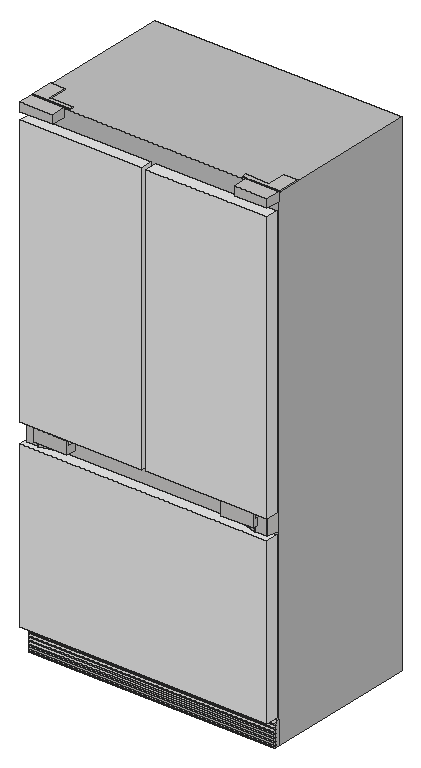
Revit family "FP-Revit20-RS90A1-FrenchDoorFridgeFreezer-0-90005038A-NZ-AU-UK-IE-EU-CN-ASIA", category Specialty Equipment, Revit 2020 (continued)
Definition of nested family "F&P Handle Kit - Contemporary Round - Vertical"
  Forms (mm)
    Extrusion 2, solid, material <- "Material - Handle", detail levels fine
      sketch origin (0, 0, 0) x (1, 0, 0) y (0, 1, 0)
        loop
          line (-8.7, 0) -> (-8.7, -32.3)
          arc (-8.7, -32.3) -> (0, -41) -> (8.7, -32.3) r 8.7
          line (8.7, -32.3) -> (8.7, 0) -> (-8.7, 0)
      from 243.5 to 363.5
    Extrusion 3, solid, material <- "Material - Handle", detail levels fine
      sketch origin (0, 0, 0) x (1, 0, 0) y (0, 1, 0)
        loop
          line (-8.7, 0) -> (-8.7, -32.3)
          arc (-8.7, -32.3) -> (0, -41) -> (8.7, -32.3) r 8.7
          line (8.7, -32.3) -> (8.7, 0) -> (-8.7, 0)
      from -363.5 to -243.5
    Sweep 4, void
      path in 3D
        loop
          line (8.7, 0, -363.5) -> (8.7, -32.3, -363.5)
          arc (8.7, -32.3, -363.5) -> (0, -41, -363.5) -> (-8.7, -32.3, -363.5) r 8.7
          line (-8.7, -32.3, -363.5) -> (-8.7, 0, -363.5)
      profile origin (8.7, -16.15, -363.5) x (-1, 0, 0) y (0, 0, -1)
        loop
          line (0, 0) -> (0, -1) -> (1, 0) -> (0, 0)
    Sweep 5, void
      path in 3D
        loop
          line (-8.7, 0, 363.5) -> (-8.7, -32.3, 363.5)
          arc (-8.7, -32.3, 363.5) -> (0, -41, 363.5) -> (8.7, -32.3, 363.5) r 8.7
          line (8.7, -32.3, 363.5) -> (8.7, 0, 363.5)
      profile origin (8.7, -16.15, 363.5) x (-1, 0, 0) y (0, 0, 1)
        loop
          line (0, 0) -> (0, -1) -> (1, 0) -> (0, 0)
    Extrusion 6, solid, material <- "Material - Handle", detail levels coarse+medium
      sketch origin (0, 0, 0) x (1, 0, 0) y (0, 1, 0)
        loop
          line (-8.7, 0) -> (-8.7, -32.3)
          arc (-8.7, -32.3) -> (0, -41) -> (8.7, -32.3) r 8.7
          line (8.7, -32.3) -> (8.7, 0) -> (-8.7, 0)
      from 243.5 to 363.5
    Extrusion 7, solid, material <- "Material - Handle", detail levels coarse+medium
      sketch origin (0, 0, 0) x (1, 0, 0) y (0, 1, 0)
        loop
          line (-8.7, 0) -> (-8.7, -32.3)
          arc (-8.7, -32.3) -> (0, -41) -> (8.7, -32.3) r 8.7
          line (8.7, -32.3) -> (8.7, 0) -> (-8.7, 0)
      from -363.5 to -243.5
  Cuts and joins
    Sweep 4 cuts Extrusion 3
    Sweep 5 cuts Extrusion 2
  Lines and regions (mm)
    sketch lines
      curve 1: line (8.7, 0, -363.5) -> (8.7, -32.3, -363.5)
      curve 2: arc (-8.7, -32.3, -363.5) -> (0, -41, -363.5) -> (8.7, -32.3, -363.5) r 8.7
      curve 3: line (-8.7, -32.3, -363.5) -> (-8.7, 0, -363.5)
      curve 4: line (8.7, -32.3, 363.5) -> (8.7, 0, 363.5)
      curve 5: arc (8.7, -32.3, 363.5) -> (0, -41, 363.5) -> (-8.7, -32.3, 363.5) r 8.7
      curve 6: line (-8.7, 0, 363.5) -> (-8.7, -32.3, 363.5)
  Dimensions and locks
    equal spacing: plane 4 "Top", level, plane 5 "Bottom"
    "Handle - Length": plane 4 "Top" to plane 5 "Bottom"
    locked: plane 4 "Top" to plane 6 "Top Standoff" at 120
    locked: plane 7 "Bottom Standoff" to plane 5 "Bottom" at 120
    Extrusion 2 sketch curve to Extrusion 2 sketch curve = 17.4 mm
    Extrusion 3 sketch curve to Extrusion 3 sketch curve = 17.4 mm
    Extrusion 6 sketch curve to Extrusion 6 sketch curve = 17.4 mm
    Extrusion 7 sketch curve to Extrusion 7 sketch curve = 17.4 mm
    aligned and locked: level to plane 2
    aligned and locked: plane 4 "Top" to Extrusion 2
    aligned and locked: Extrusion 3 to plane 5 "Bottom"
    aligned and locked: plane 7 "Bottom Standoff" to Extrusion 3
    aligned and locked: Extrusion 1 to plane 7 "Bottom Standoff"
    aligned and locked: plane 6 "Top Standoff" to Extrusion 1
    aligned and locked: Extrusion 2 to Extrusion 1
    aligned and locked: Extrusion 6 to Extrusion 1
    aligned and locked: plane 4 "Top" to Extrusion 6
    aligned and locked: Extrusion 7 to Extrusion 1
    aligned and locked: Extrusion 7 to plane 5 "Bottom"
  Automatic sketch dimensions
    Extrusion 1 sketch curve to plane 3 "Center (Left/Right)" = 0 mm
    plane 1 "Center (Front/Back)" to Extrusion 1 sketch curve = 32.3 mm
    plane 1 "Center (Front/Back)" to Extrusion 2 sketch curve = 0 mm
    Extrusion 2 sketch curve to plane 3 "Center (Left/Right)" = 0 mm
    Extrusion 2 sketch curve to plane 3 "Center (Left/Right)" = 8.7 mm
    plane 1 "Center (Front/Back)" to Extrusion 2 sketch curve = 32.3 mm
    plane 1 "Center (Front/Back)" to Extrusion 3 sketch curve = 0 mm
    Extrusion 3 sketch curve to plane 3 "Center (Left/Right)" = 0 mm
    Extrusion 3 sketch curve to plane 3 "Center (Left/Right)" = 8.7 mm
    plane 1 "Center (Front/Back)" to Extrusion 3 sketch curve = 32.3 mm
    Sweep 4 sketch curve to profile plane = 0 mm  (x2)
    Sweep 4 sketch curve to profile plane = 1 mm  (x2)
    Sweep 5 sketch curve to profile plane = 0 mm  (x2)
    Sweep 5 sketch curve to profile plane = 1 mm  (x2)
    Extrusion 6 sketch curve to plane 3 "Center (Left/Right)" = 0 mm
    Extrusion 6 sketch curve to plane 3 "Center (Left/Right)" = 8.7 mm
    plane 1 "Center (Front/Back)" to Extrusion 6 sketch curve = 32.3 mm
    Extrusion 6 sketch curve to Extrusion 6 sketch curve = 32.3 mm
    Extrusion 7 sketch curve to plane 3 "Center (Left/Right)" = 0 mm
    Extrusion 7 sketch curve to plane 3 "Center (Left/Right)" = 8.7 mm
    plane 1 "Center (Front/Back)" to Extrusion 7 sketch curve = 32.3 mm
    Extrusion 7 sketch curve to Extrusion 7 sketch curve = 32.3 mm
    radius of Extrusion 1 sketch curve = 8.7 mm
Definition of nested family "F&P Handle Kit - Contemporary Square Fine - Horizontal"
  Parameters (values of type "AHD5RD80AB - Contemporary square fine black handle (2 of 2) (Horizontal) 646mm")
    URL = "www.fisherpaykel.com"
    Material - Handle = none
    Manufacturer = "Fisher & Paykel Appliances"
    Handle - Length = 646 mm
    Default Elevation = 0 mm
  Types (14, lengths in mm): name | Handle - Length
    AHD5RD2484W - Contemporary square fine handle (2 of 2) (Horizontal) 494mm | 494
    AHD5RD2484WB - Contemporary square fine black handle (2 of 2) (Horizontal) 494mm | 494
    AHD5RD3084W - Contemporary square fine handle (2 of 2) (Horizontal) 646mm | 646
    AHD5RD3084WB - Contemporary square fine black handle (2 of 2) (Horizontal) 646mm | 646
    AHD5RD7621W - Contemporary square fine handle (2 of 2) (Horizontal) 646mm | 646
    AHD5RD7621WB - Contemporary square fine handle black (2 of 2) (Horizontal) 646mm | 646
    AHD5RD6121W - Contemporary square fine handle (2 of 2) (Horizontal) 494mm | 494
    AHD5RD6121WB - Contemporary square fine handle black (2 of 2) (Horizontal) 494mm | 494
    AHD5RD36A - Contemporary square fine handle (2 of 2) (Horizontal) 746mm | 746
    AHD5RD36AB - Contemporary square fine black handle (2 of 2) (Horizontal) 746mm | 746
    AHD5RD90A - Contemporary square fine handle (2 of 2) (Horizontal) 746mm | 746
    AHD5RD80A - Contemporary square fine handle (2 of 2) (Horizontal) 646mm | 646
    AHD5RD80AB - Contemporary square fine black handle (2 of 2) (Horizontal) 646mm | 646
    AHD5RD90AB - Contemporary square fine black handle (2 of 2) (Horizontal) 746mm | 746
  Reference planes
    plane 1 "Center (Front/Back)": y = 0
    plane 2: z = 0
    plane 3 "Center (Left/Right)": x = 0
    plane 4 "Product LHS": x = -323
    plane 5 "Product RHS": x = 323
    plane 6 "LHS Standoff": x = -202.995
    plane 7 "RHS Standoff": x = 203.005
  Forms (mm)
    Extrusion 1, solid, material <- "Material - Handle", detail levels fine
      sketch origin (0, 0, 0) x (0, 1, 0) y (0, 0, 1)
        loop
          arc (-26.813, 6.16) -> (-27.196, 6.554) -> (-27.728, 6.686) r 1
          line (-27.728, 6.686) -> (-40.035, 6.256)
          arc (-40.035, 6.256) -> (-40.719, 5.951) -> (-41, 5.257) r 1
          line (-41, 5.257) -> (-41, -5.257)
          arc (-41, -5.257) -> (-40.719, -5.951) -> (-40.035, -6.256) r 1
          line (-40.035, -6.256) -> (-27.709, -6.686)
          arc (-27.709, -6.686) -> (-27.175, -6.554) -> (-26.792, -6.158) r 1
          arc (-26.792, -6.158) -> (-25.256, 0.004) -> (-26.813, 6.16) r 13.038
      from -323 to 323
    Extrusion 2, solid, material <- "Material - Handle", detail levels fine
      sketch origin (0, 0, 0) x (0, 1, 0) y (0, 0, 1)
        loop
          arc (-26.626, -6.008) -> (-26.614, -6.49) -> (-26.2, -6.737) r 0.5
          line (-26.2, -6.737) -> (0, -7.696) -> (0, 7.704) -> (-26.174, 6.747)
          arc (-26.174, 6.747) -> (-26.587, 6.5) -> (-26.6, 6.019) r 0.5
          arc (-26.6, 6.019) -> (-25.156, 0.002) -> (-26.626, -6.008) r 13.136
      from 203.005 to 323
    Extrusion 3, solid, material <- "Material - Handle", detail levels coarse+medium
      sketch origin (0, 0, 0) x (1, 0, 0) y (0, 1, 0)
        loop
          line (-323, -42) -> (323, -42) -> (323, 0) -> (203.005, 0) -> (203.005, -26.156) -> (-202.995, -26.156) -> (-202.995, 0) -> (-323, 0) -> (-323, -42)
      from -8.022 to 7.978
    Extrusion 4, solid, material <- "Material - Handle", detail levels fine
      sketch origin (0, 0, 0) x (0, 1, 0) y (0, 0, 1)
        loop
          arc (-26.626, -6.008) -> (-26.614, -6.49) -> (-26.2, -6.737) r 0.5
          line (-26.2, -6.737) -> (0, -7.696) -> (0, 7.704) -> (-26.174, 6.747)
          arc (-26.174, 6.747) -> (-26.587, 6.5) -> (-26.6, 6.019) r 0.5
          arc (-26.6, 6.019) -> (-25.156, 0.002) -> (-26.626, -6.008) r 13.136
      from -323 to -202.995
  Dimensions and locks
    equal spacing: plane 4 "Product LHS", plane 3 "Center (Left/Right)", plane 5 "Product RHS"
    "Handle - Length": plane 4 "Product LHS" to plane 5 "Product RHS"
    locked: plane 4 "Product LHS" to plane 6 "LHS Standoff" at 120.005
    locked: plane 7 "RHS Standoff" to plane 5 "Product RHS" at 119.995
    aligned and locked: level to plane 2
    aligned and locked: Extrusion 1 to plane 5 "Product RHS"
    aligned and locked: plane 4 "Product LHS" to Extrusion 1
    aligned and locked: Extrusion 2 to plane 5 "Product RHS"
    aligned and locked: plane 4 "Product LHS" to Extrusion 3 sketch curve
    aligned and locked: Extrusion 3 sketch curve to plane 5 "Product RHS"
    aligned and locked: Extrusion 3 sketch curve to plane 7 "RHS Standoff"
    aligned and locked: plane 6 "LHS Standoff" to Extrusion 3 sketch curve
    aligned and locked: plane 4 "Product LHS" to Extrusion 4
    aligned and locked: plane 6 "LHS Standoff" to Extrusion 4
    aligned and locked: Extrusion 2 to plane 7 "RHS Standoff"
  Automatic sketch dimensions
    Extrusion 1 sketch curve to level = 5.257 mm
    plane 1 "Center (Front/Back)" to Extrusion 1 sketch curve = 41 mm
    level to Extrusion 1 sketch curve = 6.256 mm
    Extrusion 1 sketch curve to Extrusion 1 sketch curve = 0.965 mm  (x2)
    Extrusion 1 sketch curve to level = 6.256 mm
    Extrusion 1 sketch curve to Extrusion 1 sketch curve = 0.035 mm  (x3)
    Extrusion 1 sketch curve to level = 0.018 mm
    Extrusion 1 sketch curve to Extrusion 1 sketch curve = 1.706 mm
    level to Extrusion 1 sketch curve = 6.686 mm
    Extrusion 1 sketch curve to Extrusion 1 sketch curve = 12.307 mm
    Extrusion 1 sketch curve to level = 6.686 mm
    Extrusion 1 sketch curve to Extrusion 1 sketch curve = 12.326 mm
    Extrusion 1 sketch curve to Extrusion 1 sketch curve = 0.999 mm  (x2)
    Extrusion 1 sketch curve to Extrusion 1 sketch curve = 0 mm
    Extrusion 2 sketch curve to plane 1 "Center (Front/Back)" = 0 mm
    level to Extrusion 2 sketch curve = 6.247 mm
    plane 1 "Center (Front/Back)" to Extrusion 2 sketch curve = 26.155 mm
    level to Extrusion 2 sketch curve = 6.747 mm
    Extrusion 2 sketch curve to Extrusion 2 sketch curve = 0.018 mm  (x2)
    Extrusion 2 sketch curve to level = 6.238 mm
    Extrusion 2 sketch curve to Extrusion 2 sketch curve = 0.026 mm
    Extrusion 2 sketch curve to level = 6.737 mm
    level to Extrusion 2 sketch curve = 0.03 mm
    Extrusion 2 sketch curve to Extrusion 2 sketch curve = 12.11 mm
    Extrusion 2 sketch curve to level = 7.696 mm
    level to Extrusion 2 sketch curve = 7.704 mm
    Extrusion 2 sketch curve to Extrusion 2 sketch curve = 0 mm
    plane 1 "Center (Front/Back)" to Extrusion 3 sketch curve = 42 mm
    Extrusion 3 sketch curve to Extrusion 3 sketch curve = 15.844 mm
    Extrusion 3 sketch curve to Extrusion 3 sketch curve = 26.156 mm  (x2)
    level to Extrusion 4 sketch curve = 0.03 mm
    plane 1 "Center (Front/Back)" to Extrusion 4 sketch curve = 38.291 mm
    Extrusion 4 sketch curve to level = 6.737 mm
    Extrusion 4 sketch curve to Extrusion 4 sketch curve = 12.091 mm
    Extrusion 4 sketch curve to Extrusion 4 sketch curve = 0.018 mm  (x2)
    level to Extrusion 4 sketch curve = 6.747 mm
    Extrusion 4 sketch curve to Extrusion 4 sketch curve = 0.008 mm
    level to Extrusion 4 sketch curve = 7.704 mm
    Extrusion 4 sketch curve to Extrusion 4 sketch curve = 26.174 mm
    Extrusion 4 sketch curve to level = 7.696 mm
    Extrusion 4 sketch curve to Extrusion 4 sketch curve = 0.5 mm  (x2)
    Extrusion 4 sketch curve to Extrusion 4 sketch curve = 0 mm
Definition of nested family "F&P Handle Kit - Contemporary Square Fine - Vertical"
  Parameters (values of type "AHD5RD90AB - Contemporary square fine black handle (1 of 2) (Vertical) 727mm")
    URL = "www.fisherpaykel.com"
    Material - Handle = none
    Manufacturer = "Fisher & Paykel Appliances"
    Handle - Length = 727 mm
    Default Elevation = 0 mm
  Types (14): name
    AHD5RD2484W - Contemporary square fine handle (1 of 2) (Vertical) 727mm
    AHD5RD2484WB - Contemporary square fine black handle (1 of 2) (Vertical) 727mm
    AHD5RD3084W - Contemporary square fine handle (1 of 2) (Vertical) 727mm
    AHD5RD3084WB - Contemporary square fine black handle (1 of 2) (Vertical) 727mm
    AHD5RD6121W - Contemporary square fine handle (1 of 2) (Vertical) 727mm
    AHD5RD6121WB - Contemporary square fine black handle (1 of 2) (Vertical) 727mm
    AHD5RD7621W - Contemporary square fine handle (1 of 2) (Vertical) 727mm
    AHD5RD7621WB - Contemporary square fine black handle (1 of 2) (Vertical) 727mm
    AHD5RD36A - Contemporary square fine handle (1 of 2) (Vertical) 727mm
    AHD5RD36AB - Contemporary square fine black handle (1 of 2) (Vertical) 727mm
    AHD5RD80A - Contemporary square fine handle (1 of 2) (Vertical) 727mm
    AHD5RD90A - Contemporary square fine handle (1 of 2) (Vertical) 727mm
    AHD5RD80AB - Contemporary square fine black handle (1 of 2) (Vertical) 727mm
    AHD5RD90AB - Contemporary square fine black handle (1 of 2) (Vertical) 727mm
  Reference planes
    plane 1 "Center (Front/Back)": y = 0
    plane 2: z = 0
    plane 3 "Center (Left/Right)": x = 0
    plane 4 "Top": z = 363.5
    plane 5 "Bottom": z = -363.5
    plane 6 "Top Standoff": z = 243.5
    plane 7 "Bottom Standoff": z = -243.5
  Forms (mm)
    Extrusion 1, solid, material <- "Material - Handle", detail levels fine
      sketch origin (0, 0, 0) x (1, 0, 0) y (0, 1, 0)
        loop
          arc (-6.16, -26.813) -> (-6.554, -27.196) -> (-6.686, -27.728) r 1
          line (-6.686, -27.728) -> (-6.256, -40.035)
          arc (-6.256, -40.035) -> (-5.951, -40.719) -> (-5.257, -41) r 1
          line (-5.257, -41) -> (5.257, -41)
          arc (5.257, -41) -> (5.951, -40.719) -> (6.256, -40.035) r 1
          line (6.256, -40.035) -> (6.686, -27.709)
          arc (6.686, -27.709) -> (6.554, -27.175) -> (6.158, -26.792) r 1
          arc (6.158, -26.792) -> (-0.004, -25.256) -> (-6.16, -26.813) r 13.038
      from -363.5 to 363.5
    Extrusion 2, solid, material <- "Material - Handle", detail levels fine
      sketch origin (0, 0, 0) x (1, 0, 0) y (0, 1, 0)
        loop
          arc (6.012, -26.626) -> (6.494, -26.614) -> (6.741, -26.2) r 0.5
          line (6.741, -26.2) -> (7.7, 0) -> (-7.7, 0) -> (-6.742, -26.174)
          arc (-6.742, -26.174) -> (-6.496, -26.587) -> (-6.015, -26.6) r 0.5
          arc (-6.015, -26.6) -> (0.002, -25.156) -> (6.012, -26.626) r 13.136
      from 243.5 to 363.5
    Extrusion 3, solid, material <- "Material - Handle", detail levels coarse+medium
      sketch origin (0, 0, 0) x (0, 1, 0) y (0, 0, 1)
        loop
          line (0, 363.5) -> (-42, 363.5) -> (-42, -363.5) -> (0, -363.5) -> (0, -243.5) -> (-26.245, -243.5) -> (-26.245, 243.5) -> (0, 243.5) -> (0, 363.5)
      from -8 to 8
    Extrusion 4, solid, material <- "Material - Handle", detail levels fine
      sketch origin (0, 0, 0) x (1, 0, 0) y (0, 1, 0)
        loop
          arc (6.012, -26.626) -> (6.494, -26.614) -> (6.741, -26.2) r 0.5
          line (6.741, -26.2) -> (7.7, 0) -> (-7.7, 0) -> (-6.742, -26.174)
          arc (-6.742, -26.174) -> (-6.496, -26.587) -> (-6.015, -26.6) r 0.5
          arc (-6.015, -26.6) -> (0.002, -25.156) -> (6.012, -26.626) r 13.136
      from -363.5 to -243.5
  Dimensions and locks
    equal spacing: plane 4 "Top", level, plane 5 "Bottom"
    "Handle - Length": plane 4 "Top" to plane 5 "Bottom"
    locked: plane 4 "Top" to plane 6 "Top Standoff" at 120
    locked: plane 7 "Bottom Standoff" to plane 5 "Bottom" at 120
    aligned and locked: level to plane 2
    aligned and locked: plane 4 "Top" to Extrusion 2
    aligned and locked: Extrusion 2 to plane 6 "Top Standoff"
    aligned and locked: plane 4 "Top" to Extrusion 1
    aligned and locked: Extrusion 1 to plane 5 "Bottom"
    aligned and locked: plane 4 "Top" to Extrusion 3 sketch curve
    aligned and locked: plane 6 "Top Standoff" to Extrusion 3 sketch curve
    aligned and locked: plane 7 "Bottom Standoff" to Extrusion 3 sketch curve
    aligned and locked: plane 5 "Bottom" to Extrusion 3 sketch curve
    aligned and locked: Extrusion 4 to plane 5 "Bottom"
    aligned and locked: plane 7 "Bottom Standoff" to Extrusion 4
  Automatic sketch dimensions
    Extrusion 1 sketch curve to plane 3 "Center (Left/Right)" = 6.686 mm
    Extrusion 1 sketch curve to plane 3 "Center (Left/Right)" = 6.256 mm
    Extrusion 1 sketch curve to Extrusion 1 sketch curve = 0.999 mm  (x4)
    plane 3 "Center (Left/Right)" to Extrusion 1 sketch curve = 0.018 mm
    plane 3 "Center (Left/Right)" to Extrusion 1 sketch curve = 5.257 mm
    plane 3 "Center (Left/Right)" to Extrusion 1 sketch curve = 5.687 mm
    plane 1 "Center (Front/Back)" to Extrusion 1 sketch curve = 41 mm
    Extrusion 1 sketch curve to Extrusion 1 sketch curve = 0.965 mm  (x2)
    Extrusion 1 sketch curve to Extrusion 1 sketch curve = 1.706 mm
    Extrusion 1 sketch curve to Extrusion 1 sketch curve = 12.307 mm
    Extrusion 1 sketch curve to Extrusion 1 sketch curve = 12.326 mm
    Extrusion 1 sketch curve to Extrusion 1 sketch curve = 0.035 mm  (x2)
    Extrusion 1 sketch curve to Extrusion 1 sketch curve = 0 mm
    plane 1 "Center (Front/Back)" to Extrusion 2 sketch curve = 0 mm
    Extrusion 2 sketch curve to plane 3 "Center (Left/Right)" = 7.7 mm
    Extrusion 2 sketch curve to plane 3 "Center (Left/Right)" = 6.742 mm
    Extrusion 2 sketch curve to Extrusion 2 sketch curve = 0.5 mm  (x2)
    Extrusion 2 sketch curve to plane 3 "Center (Left/Right)" = 0.026 mm
    plane 3 "Center (Left/Right)" to Extrusion 2 sketch curve = 6.242 mm
    plane 3 "Center (Left/Right)" to Extrusion 2 sketch curve = 7.7 mm
    plane 1 "Center (Front/Back)" to Extrusion 2 sketch curve = 26.155 mm
    Extrusion 2 sketch curve to Extrusion 2 sketch curve = 0.018 mm  (x2)
    Extrusion 2 sketch curve to Extrusion 2 sketch curve = 0.026 mm
    Extrusion 2 sketch curve to Extrusion 2 sketch curve = 12.11 mm
    Extrusion 2 sketch curve to Extrusion 2 sketch curve = 0 mm
    plane 1 "Center (Front/Back)" to Extrusion 3 sketch curve = 42 mm
    Extrusion 3 sketch curve to Extrusion 3 sketch curve = 15.755 mm
    Extrusion 3 sketch curve to Extrusion 3 sketch curve = 42 mm  (x2)
    Extrusion 4 sketch curve to plane 3 "Center (Left/Right)" = 7.7 mm
    Extrusion 4 sketch curve to plane 3 "Center (Left/Right)" = 6.742 mm
    Extrusion 4 sketch curve to Extrusion 4 sketch curve = 0.5 mm  (x2)
    Extrusion 4 sketch curve to plane 3 "Center (Left/Right)" = 0.026 mm
    plane 3 "Center (Left/Right)" to Extrusion 4 sketch curve = 6.242 mm
    plane 3 "Center (Left/Right)" to Extrusion 4 sketch curve = 7.7 mm
    plane 1 "Center (Front/Back)" to Extrusion 4 sketch curve = 38.291 mm
    Extrusion 4 sketch curve to Extrusion 4 sketch curve = 12.091 mm
    Extrusion 4 sketch curve to Extrusion 4 sketch curve = 0.018 mm  (x2)
    Extrusion 4 sketch curve to Extrusion 4 sketch curve = 0.452 mm
    Extrusion 4 sketch curve to Extrusion 4 sketch curve = 26.174 mm
    Extrusion 4 sketch curve to Extrusion 4 sketch curve = 0 mm
Definition of nested family "Comment Marker 2D"
  Types (3): name
    New
    Resolved
    Active
  Reference planes
    plane 1: y = 0
    plane 2: x = 0
  Text (mm)
    text "Edit Type: \nTo control handle kit \nand door panel visibility\n options\n\nDelete unwanted kits \nto reduce file size" at (-0.165, 35.556, 0)
